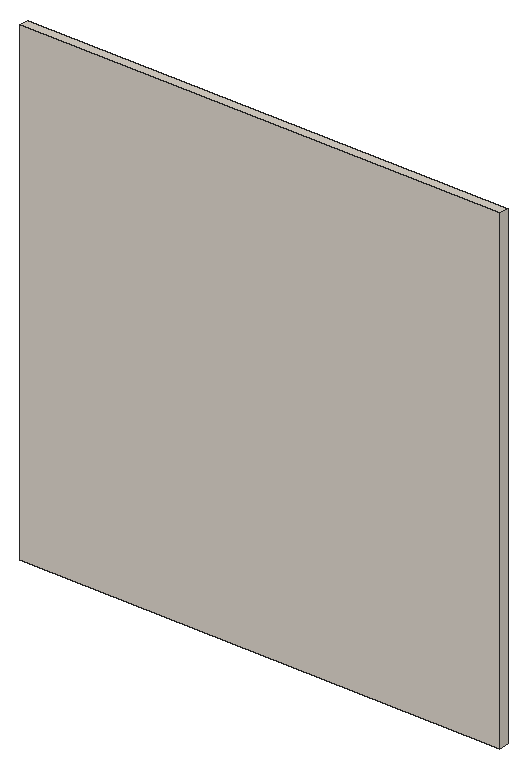
Revit family "LISTON TERMAL VELAS MULTICOLOR CU_453801791_", category Modelos genéricos, Revit 2024
Family settings
  Puede alojar armadura = No
  Cota de conector redondo = Usar diámetro
  Tipo de pieza = Normal
  Se basa en plano de trabajo = No
  Siempre vertical = Sí
  Corte con vacíos al cargar = No
  Mantener orientación de anotación = No
  Compartido = No
  Punto de cálculo de habitación = No
Parameters
  Elevación por defecto = 0 mm
Reference planes
  plane 1 "Center (Front/Back)": y = 0
  plane 2: z = 0
  plane 3 "Center (Left/Right)": x = 0
Forms (mm)
  Extrusion 1, solid, material "Analytical Panels"
    sketch origin (0, 0, 0) x (1, 0, 0) y (0, 1, 0)
      loop
        line (-1366.384, -136.448) -> (-1366.384, -194.576) -> (1633.616, -194.576) -> (1633.616, -136.448) -> (-1366.384, -136.448)
    from 0 to 3000
Dimensions and locks
  Extrusion 1 sketch curve to Extrusion 1 sketch curve = 58.128 mm
  Extrusion 1 to Extrusion 1 = 3000 mm  (x2)
  aligned and locked: level to plane 2
